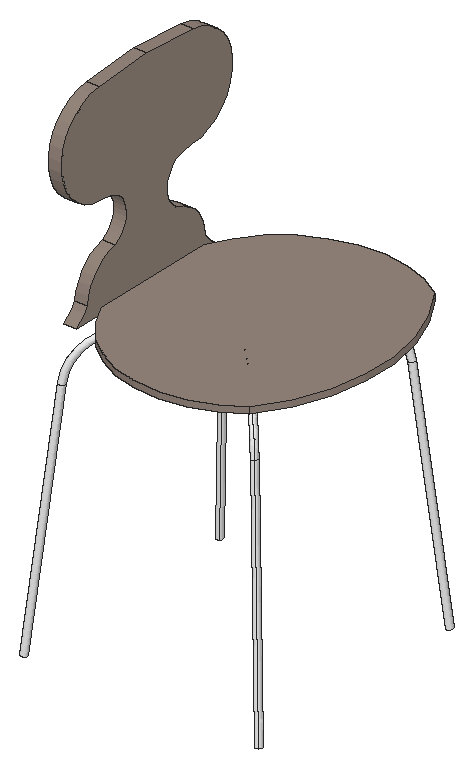
Revit family "Chair 3", category Furniture, Revit 2026
Family settings
  Work Plane-Based = No
  Enable Cutting in Views = No
  Always vertical = Yes
  Cut with Voids When Loaded = No
  Render Appearance Source = Family Geometry
  Shared = No
  Room Calculation Point = No
Parameters
  Keynote = "12600"
  Manufacturer = ""
  Default Elevation = 0 mm
  Bracket Material = Herman Miller - Finish 47 Trivalent Chrome
  Model = ""
  Cushion/Chair Back Material = Herman Miller - Veneer Z5 Maple
  BG_DIM_Width1 [instance] = 0 mm
  BG_DIM_Height1 [instance] = 0 mm
  BG_DIM_Depth1 [instance] = 0 mm
Reference planes
  plane 1 "Center F/B": y = -198.997
  plane 2: z = 0
  plane 3 "Center L/R": x = -1.022
Forms (mm)
  Sweep 1, solid, material "Herman Miller - Finish 47 Trivalent Chrome" <- "Bracket Material"
    path origin (61.052, -65.204, 45) x (0, 0, -1) y (0.707107, -0.707107, 0)
      loop
        line (45, -82.843) -> (-332.364, -36.508)
        arc (-332.364, -36.508) -> (-382.531, -10.114) -> (-402.615, 42.895) r 80
        line (-402.615, 42.895) -> (-402.615, 181.322)
    profile origin (18.855, -23.007, 188.682) x (-0.701836, 0.701836, 0.121869) y (-0.707107, -0.707107, 0)
      loop
        circle (0, 0) r 5
  Sweep 2, solid, material "Herman Miller - Finish 47 Trivalent Chrome" <- "Bracket Material"
    path origin (57.516, -325.168, 45) x (0, 0, -1) y (0.707107, 0.707107, 0)
      loop
        line (45, -82.843) -> (-332.364, -36.508)
        arc (-332.364, -36.508) -> (-382.531, -10.114) -> (-402.615, 42.895) r 80
        line (-402.615, 42.895) -> (-402.615, 181.322)
    profile origin (15.319, -367.364, 188.682) x (-0.701836, -0.701836, 0.121869) y (0.707107, -0.707107, 0)
      loop
        circle (0, 0) r 5
  Sweep 3, solid, material "Herman Miller - Finish 47 Trivalent Chrome" <- "Bracket Material"
    path origin (303.338, -65.204, 45) x (0, 0, -1) y (0.707107, 0.707107, 0)
      loop
        line (45, 82.843) -> (-332.364, 36.508)
        arc (-332.364, 36.508) -> (-382.531, 10.114) -> (-402.615, -42.895) r 80
        line (-402.615, -42.895) -> (-402.615, -181.322)
    profile origin (345.535, -23.007, 188.682) x (0.701836, 0.701836, 0.121869) y (-0.707107, 0.707107, 0)
      loop
        circle (0, 0) r 5
  Sweep 4, solid, material "Herman Miller - Finish 47 Trivalent Chrome" <- "Bracket Material"
    path origin (306.873, -325.168, 45) x (0, 0, -1) y (0.707107, -0.707107, 0)
      loop
        line (45, 82.843) -> (-332.364, 36.508)
        arc (-332.364, 36.508) -> (-382.531, 10.114) -> (-402.615, -42.895) r 80
        line (-402.615, -42.895) -> (-402.615, -181.322)
    profile origin (349.07, -367.364, 188.682) x (0.701836, -0.701836, 0.121869) y (0.707107, 0.707107, 0)
      loop
        circle (0, 0) r 5
  Extrusion 5, solid, material "Herman Miller - Veneer Z5 Maple" <- "Cushion/Chair Back Material"
    sketch origin (0, 0, 0) x (1, 0, 0) y (0, 1, 0)
      loop
        arc (340, -9.099) -> (152.776, 17.913) -> (32.728, -128.274) r 192.616
        line (32.728, -128.274) -> (32.728, -249.923)
        arc (32.728, -249.923) -> (152.776, -396.11) -> (340, -369.099) r 192.616
        arc (340, -369.099) -> (400.673, -189.099) -> (340, -9.099) r 297.34
    from 450 to 460
  Extrusion 6, solid, material "Herman Miller - Veneer Z5 Maple" <- "Cushion/Chair Back Material"
    sketch origin (390, -409.099, -27.081) x (0, 0, -1) y (0, 1, 0)
      loop
        arc (-498.809, 95.839) -> (-486.21, 86.065) -> (-477.081, 72.99) r 53.087
        line (-477.081, 72.99) -> (-477.081, 347.212)
        arc (-477.081, 347.212) -> (-486.21, 334.138) -> (-498.809, 324.364) r 53.087
        arc (-498.809, 324.364) -> (-539.073, 308.301) -> (-561.143, 270.989) r 67.175
        arc (-561.143, 270.989) -> (-601.737, 249.17) -> (-634.197, 281.887) r 38.521
        line (-634.197, 281.887) -> (-636.604, 298.938)
        arc (-636.604, 298.938) -> (-714.694, 376.726) -> (-796.127, 302.444) r 79.872
        line (-796.127, 302.444) -> (-802.584, 210.101) -> (-796.127, 117.759)
        arc (-796.127, 117.759) -> (-714.694, 43.477) -> (-636.604, 121.265) r 79.872
        line (-636.604, 121.265) -> (-634.197, 138.316)
        arc (-634.197, 138.316) -> (-601.737, 171.033) -> (-561.143, 149.213) r 38.521
        arc (-561.143, 149.213) -> (-539.073, 111.901) -> (-498.809, 95.839) r 67.175
    from -367.272 to -347.272
Dimensions and locks
  aligned and locked: plane 1 "Center F/B" to Extrusion 6
